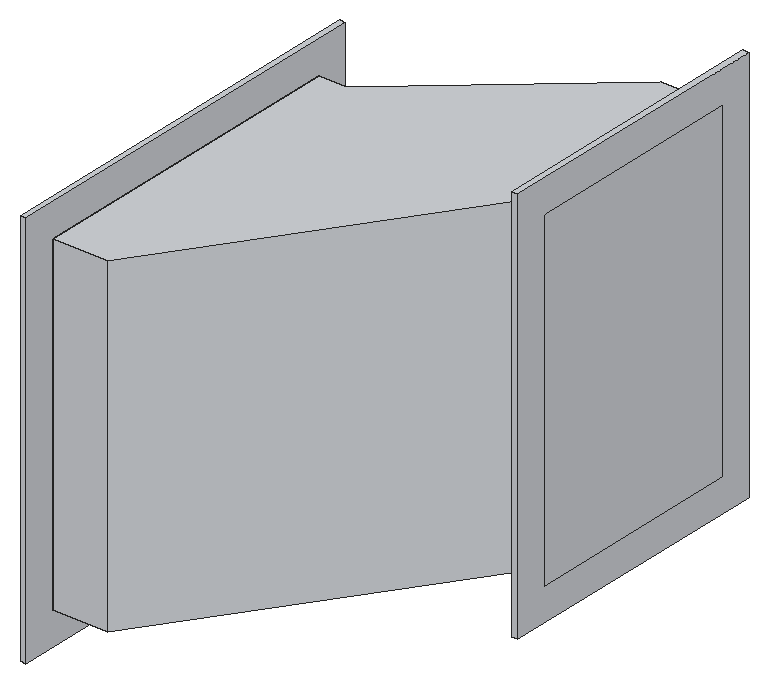
Revit family "RE Etage ES - Flansch", category Luftkanalformteile, Revit 2014
Parameters (values of type "Allgemein")
  x1 [instance] = if(e1 > 0 mm, x, x * 2)  # 25 mm
  x [instance] = if(l1 > 150 mm, 25 mm, l1 / 6)  # 25 mm
  t2 [instance] = (-(l1 - 2 * x) + sqrt(abs((l1 - 2 * x) * (l1 - 2 * x) + e1 * e1 - 2 * e1 * (b))))  # 28.101 mm
  t1 [instance] = e1 - 2 * b  # -356.14 mm
  l1 [instance] = if(not(l = 0 mm), l, abs(0.9222 * Max. abd - 32.8 mm))  # 243.86 mm
  l [instance] = 0 mm
  e1 [instance] = if(not(e = 0 mm), e, abs(0.9222 * Max. abd - 32.8 mm))  # 243.86 mm
  e [instance] = 0 mm
  d [instance] = 200 mm
  c [instance] = a  # 300 mm
  b [instance] = 300 mm
  alpha [instance] = if(not((e1 - 2 * (Max. bd)) = 0 mm), atan((-(l1 - 2 * x) + sqrt(abs((l1 - 2 * x) * (l1 - 2 * x) + e1 * e1 - 2 * e1 * (Max. bd)))) / (e1 - 2 * (Max. bd))), 45.00°)  # -4.51151°
  a2 [instance] = atan((-(l1 - 2 * x) + sqrt(abs((l1 - 2 * x) * (l1 - 2 * x) + e1 * e1 - 2 * e1 * (Max. bd)))) / (e1 - 2 * (Max. bd)))  # -4.51151°
  a [instance] = 300 mm
  Max. bd [instance] = if(b > d, b, d)  # 300 mm
  Max. abd [instance] = if(Max. ab > Max. bd, Max. ab, Max. bd)  # 300 mm
  Max. ab [instance] = if(a > b, a, b)  # 300 mm
  Länge 3 [instance] = if(alpha > 0.00°, b * tan(alpha) * 2, if(e1 > 0 mm, x * 2, x))  # 50 mm
  Länge 2 [instance] = if(e1 > 0 mm, Länge 1 + e1 + d * 0.5 - b * 0.5, Länge 1 + e1 + b * 0.5 - d * 0.5)  # 5193.86 mm
  Länge 1 [instance] = 5000 mm  # constant formula
  Flansch d [instance] = d + Flanschverlängerung * 2  # 260 mm
  Flansch b [instance] = b + Flanschverlängerung * 2  # 360 mm
  Flansch a [instance] = a + Flanschverlängerung * 2  # 360 mm
  Flanschstärke [instance] = 5 mm
  Flanschverlängerung [instance] = 30 mm
Reference planes
  plane 1 "Mitte (vorne/hinten)": y = 0
  plane 2: z = 0
  plane 3 "Mitte (links/rechts)": x = 0
  plane 4: x = 30
  plane 5: x = 223.86
  plane 6: x = 248.86
  plane 7: y = -5000
  plane 8: y = 150
  plane 9: y = -150
  plane 10: y = 193.86
  plane 11: y = 293.86
  plane 12: y = 93.86
  plane 13: x = 55
  plane 14: x = 198.86
  plane 15: x = 5
  plane 16: z = 150
  plane 17: z = -150
  plane 18: x = 253.86
  plane 19: y = 180
  plane 20: y = -180
  plane 21: y = 323.86
  plane 22: y = 63.86
Forms (mm)
  Extrusion 1, solid, detail levels medium+fine
    sketch origin (528.641, 0, 0) x (1, 0, 0) y (0, 1, 0)
      loop
        line (-523.641, 150) -> (-523.641, -150) -> (-473.641, -150) -> (-304.781, 93.86) -> (-279.781, 93.86) -> (-279.781, 293.86) -> (-329.781, 293.86) -> (-498.641, 150) -> (-523.641, 150)
    from -150 to 150
  Sweep 2, solid, detail levels medium+fine
    path in 3D
      loop
        line (0, 0, 0) -> (5, 0, 0)
    profile "Luftkanal - rechteckig : Luftkanal - rechteckig 1" origin (2.5, 0, 0) x (0, 1, 0) y (0, 0, 1)
      loop
        line (-150, 150) -> (-150, -150) -> (150, -150) -> (150, 150) -> (-150, 150)
  Sweep 3, solid, detail levels medium+fine
    path in 3D
      loop
        line (248.86, 193.86, 0) -> (253.86, 193.86, 0)
    profile "Luftkanal - rechteckig : Luftkanal - rechteckig 2" origin (251.36, 193.86, 0) x (0, 1, 0) y (0, 0, 1)
      loop
        line (-100, 150) -> (-100, -150) -> (100, -150) -> (100, 150) -> (-100, 150)
  Sweep 4, solid, detail levels fine
    path in 3D
      loop
        line (0, 0, 0) -> (5, 0, 0)
    profile "Luftkanal - rechteckig : Luftkanal - Flansch 1" origin (2.5, 0, 0) x (0, 1, 0) y (0, 0, 1)
      loop
        line (-180, 180) -> (-180, -180) -> (180, -180) -> (180, 180) -> (-180, 180)
  Sweep 5, solid, detail levels fine
    path in 3D
      loop
        line (248.86, 193.86, 0) -> (253.86, 193.86, 0)
    profile "Luftkanal - rechteckig : Luftkanal - Flansch 2" origin (251.36, 193.86, 0) x (0, 1, 0) y (0, 0, 1)
      loop
        line (-130, 180) -> (-130, -180) -> (130, -180) -> (130, 180) -> (-130, 180)
Lines and regions (mm)
  reference lines
    curve 1: line (0, 0, 0) -> (5, 0, 0)
    curve 2: line (248.86, 193.86, 0) -> (253.86, 193.86, 0)
  model lines, detail levels coarse
    curve 3: line (0, 0, 0) -> (5, 0, 0)
    curve 4: line (248.86, 193.86, 0) -> (253.86, 193.86, 0)
    curve 9: line (0, 180, 0) -> (0, -180, 0)
    curve 10: line (253.86, 323.86, 0) -> (253.86, 63.86, 0)
    curve 11: line (30, 0, 0) -> (223.86, 193.86, 0)
    curve 12: line (223.86, 193.86, 0) -> (248.86, 193.86, 0)
    curve 13: line (5, 0, 0) -> (30, 0, 0)
  sketch lines
    curve 5: line (0, 0, 0) -> (5, 0, 0)
    curve 6: line (248.86, 193.86, 0) -> (253.86, 193.86, 0)
    curve 7: line (0, 0, 0) -> (5, 0, 0)
    curve 8: line (248.86, 193.86, 0) -> (253.86, 193.86, 0)
Dimensions and locks
  "x1": plane 5 to plane 6
  equal spacing: plane 8, plane 1 "Mitte (vorne/hinten)", plane 9
  "b": plane 8 to plane 9
  equal spacing: plane 11, plane 10, plane 12
  "d": plane 11 to plane 12
  "Flanschstärke": plane 3 "Mitte (links/rechts)" to plane 15
  "x1": plane 15 to plane 4
  "l1": plane 15 to plane 6
  equal spacing: plane 16, plane 2, plane 17
  "a": plane 16 to plane 17
  "Flanschstärke": plane 6 to plane 18
  equal spacing: plane 19, plane 1 "Mitte (vorne/hinten)", plane 20
  "Flansch b": plane 19 to plane 20
  equal spacing: plane 21, plane 10, plane 22
  "Flansch d": plane 21 to plane 22
  "Länge 1": plane 7 to plane 1 "Mitte (vorne/hinten)"
  "Länge 2": plane 10 to plane 7
  "Länge 3": plane 15 to plane 13
  "Länge 3": plane 14 to plane 6
  aligned and locked: Extrusion 1 sketch curve to plane 8
  aligned and locked: Extrusion 1 sketch curve to plane 15
  aligned and locked: plane 13 to Extrusion 1 sketch curve
  aligned and locked: plane 15 to Extrusion 1 sketch curve
  aligned and locked: Extrusion 1 sketch curve to plane 9
  aligned and locked: plane 6 to Extrusion 1 sketch curve
  aligned and locked: Extrusion 1 sketch curve to plane 12
  aligned and locked: Extrusion 1 sketch curve to plane 11
  aligned and locked: plane 12 to Extrusion 1 sketch curve
  aligned and locked: plane 11 to Extrusion 1 sketch curve
  aligned and locked: Extrusion 1 sketch curve to plane 6
  aligned and locked: plane 4 to Extrusion 1 sketch curve
  aligned and locked: plane 8 to Extrusion 1 sketch curve
  aligned and locked: plane 14 to Extrusion 1 sketch curve
  aligned and locked: plane 9 to Extrusion 1 sketch curve
  aligned and locked: plane 5 to Extrusion 1 sketch curve
  aligned and locked: Extrusion 1 to plane 17
  aligned and locked: plane 16 to Extrusion 1
  aligned and locked: plane 15 to curve 1
  aligned and locked: plane 3 "Mitte (links/rechts)" to curve 1
  aligned and locked: plane 1 "Mitte (vorne/hinten)" to curve 1
  aligned and locked: plane 18 to curve 2
  aligned and locked: plane 6 to curve 2
  aligned and locked: curve 2 to plane 10
  aligned and locked: plane 3 "Mitte (links/rechts)" to curve 3
  aligned and locked: plane 18 to curve 4
  aligned and locked: curve 4 to plane 10
  aligned and locked: plane 19 to curve 9
  aligned and locked: plane 20 to curve 9
  aligned and locked: curve 9 to plane 3 "Mitte (links/rechts)"
  aligned and locked: plane 22 to curve 10
  aligned and locked: plane 21 to curve 10
  aligned and locked: curve 10 to plane 18
  aligned and locked: plane 4 to curve 11
  aligned and locked: plane 1 "Mitte (vorne/hinten)" to curve 11
  aligned and locked: plane 6 to curve 12
  aligned and locked: plane 5 to curve 12
  aligned and locked: plane 15 to curve 13
  aligned and locked: plane 1 "Mitte (vorne/hinten)" to curve 13
Connectors
  hvac at (0, 0, 0), driven by "a", driven by "b"
    settings: on Sweep 2, index 1, duct flow 0.0 L/s, flow factor 0, pres drop 0.0 Pa, loss coef 0, conn angle 0.00°, conn width 300 mm, conn height 300 mm, conn diameter 609.6 mm, duct sys type 28, conn prof type 1, flow config 0, flow direction 0, loss method 0, conn ref index 2, conn util no, is conn primary yes, conn desc ""
  hvac at (253.86, 193.86, 0), driven by "a", driven by "d"
    settings: on Sweep 3, index 2, duct flow 0.0 L/s, flow factor 0, pres drop 0.0 Pa, loss coef 0, conn angle 0.00°, conn width 200 mm, conn height 300 mm, conn diameter 609.6 mm, duct sys type 28, conn prof type 1, flow config 0, flow direction 0, loss method 0, conn ref index 1, conn util no, is conn primary no, conn desc ""
